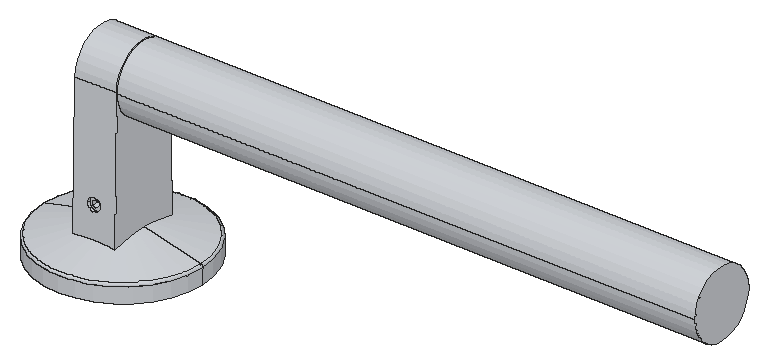
Revit family "Accessory-Towel_Arm-KOHLER-Components-K-78377BR_1", category Specialty Equipment, host Face, Revit 2017
Family settings
  Host = Face
  Round Connector Dimension = Use Diameter
  Part Type = Normal
  OmniClass Number = 23.31.25.25
  OmniClass Title = Towel Bars
  Cut with Voids When Loaded = No
  Shared = No
  Room Calculation Point = No
Parameters (values of type "CP-Polished Chrome")
  Width = 10.0315"  # constant formula
  WaterSense Certified = 1 = 0  # no
  URL = "https://br.kohler.com/"
  Type = 1
  Product Page URL = "https://br.kohler.com/product-detail/78377br?skuid=K-78377BR-CP"
  Product Name = "Components"  # constant formula
  Product Documentation Link = ""
  Model = if(Type = 1, "K-78377BR-CP", if(Type = 2, "K-78377BR-BN", if(Type = 3, "K-78377BR-BL", if(Type = 4, "K-78377BR-RGD", "NA"))))  # "K-78377BR-CP"
  Material = "Premium Metal Construction"  # constant formula
  Master Format 2014 Name = "Toilet, Bath, and Laundry Accessories"  # constant formula
  Master Format 2014 = "10 28 00"  # constant formula
  Manufacturer Address = "Rio de Janeiro MULTIREPAROS RUA BATISTA DA COSTA, Nº 352 | STORE B Rio de Janeiro  SÃO GONÇALO 24450-470"  # constant formula
  Manufacturer = "KOHLER Co."  # constant formula
  Length = 2.93701"  # constant formula
  Height = 2.3622"  # constant formula
  Finish = Kohler-Metal-CP-Polished_Chrome
  Environmental Product Declaration = ""
  Description = "Towel rack"  # constant formula
  Default Elevation = 42"
  Declare Label = ""
  Date Modified = "10/04/2021"  # constant formula
  Date Created = "10/04/2021"  # constant formula
  Copyright = "Copyright KOHLER Co."  # constant formula
  Contact Us = "https://br.kohler.com/asr-listing"
  Assembly Code = "C1030200"
  ADA Compliant = 1 = 0  # no
Types (5): name | Type | Product Page URL | Model | Finish
  (no name) | 1 | "https://br.kohler.com/product-detail/78377br?skuid=K-78377BR-CP" | "K-78377BR-CP" | Kohler-Metal-CP-Polished_Chrome
  CP-Polished Chrome | 1 | "https://br.kohler.com/product-detail/78377br?skuid=K-78377BR-CP" | "K-78377BR-CP" | Kohler-Metal-CP-Polished_Chrome
  BN-Vibrant Brushed Nickel | 2 | "https://br.kohler.com/product-detail/78377br?skuid=K-78377BR-BN" | "K-78377BR-BN" | Kohler-Metal-BN-Vibrant_Brushed_Nickel
  BL-Matte Black | 3 | "https://br.kohler.com/product-detail/78377br?skuid=K-78377BR-BL" | "K-78377BR-BL" | Kohler-Metal-BL-Matte_Black
  RGD-Polished Rose Gold | 4 | "https://br.kohler.com/product-detail/78377br?skuid=K-78377BR-RGD" | "K-78377BR-RGD" | Kohler-Metal-RGD-Polished_Rose_Gold
Reference planes (in)
  plane 1 "Center (Front/Back)": y = 0
  plane 2: z = 0
  plane 3 "Center (Left/Right)": x = 0
  plane 4: x = -1.1811
  plane 5: x = 1.1811
  plane 6: x = 8.85039
  plane 7: y = 1.1811
  plane 8: y = -1.1811
  plane 9: z = 2.93701
  plane 10: z = 0.46667
  plane 11: y = 0.49314
  plane 12: y = -0.49314
  plane 13: z = 2.47638
  plane 14: x = 0.70061
  plane 15: x = 0.30906
  plane 16: x = -0.30906
  plane 17: z = 1.95276
Dimensions and locks (in)
  "Height": plane 8 to plane 7
  plane 3 "Center (Left/Right)" to plane 6 = 8.85039"
  "Width": plane 4 to plane 6
  plane 11 to plane 12 = 0.98628"
  "Length": plane 9 to level
  level to plane 13 = 2.47638"
  plane 17 to plane 9 = 0.98425"
  aligned and locked: plane 2 to host face
  aligned and locked: level to host face
  aligned and locked: nested 1 to plane 3 "Center (Left/Right)"
  aligned and locked: plane 1 "Center (Front/Back)" to nested 1
Automatic sketch dimensions
  host sketch curve to host sketch curve = 96"  (x2)
Nested families (in)
  nested 1: "K-78377BR" at (4, 0, 0), type "K-78377BR"
Definition of nested family "K-78377BR"
  Parameters (values of type "K-78377BR")
    Material = none
    Length = 8"
  Reference planes (in)
    plane 1 "Center (Front/Back)": y = 0
    plane 2: z = 0
    plane 3 "Center (Left/Right)": x = 0
    plane 4: x = -4
    plane 5: y = 1.1811
    plane 6: z = 2.9375
    plane 7: x = -5.1811
    plane 8: x = -2.8189
    plane 9: y = -1.1811
    plane 10: x = 4.85039
    plane 11: y = 0.49314
    plane 12: y = -0.49314
    plane 13: z = 2.47638
    plane 14: x = -3.29939
  Forms (in)
    Revolve 1, solid, material <- "Material", detail levels medium+fine
      sketch origin (0, 0, 0) x (1, 0, 0) y (0, 0, 1)
        loop
          line (-5.1811, 0) -> (-4, 0) -> (-4, 0.54137) -> (-5.15083, 0.26323)
          arc (-5.15083, 0.26323) -> (-5.17263, 0.24924) -> (-5.1811, 0.22477) r 0.03957
          line (-5.1811, 0.22477) -> (-5.1811, 0)
        axis (-4, 0.54137) -> (-4, 0)
      angle from 0 to 360
    Extrusion 2, solid, material <- "Material", detail levels medium+fine
      sketch origin (0, 0, 0) x (0, 1, 0) y (0, 0, -1)
        loop
          line (0.49313, -2.45358) -> (0.53038, -0.31966) -> (-0.53038, -0.31966) -> (-0.49313, -2.45358)
          arc (-0.49313, -2.45358) -> (0, -2.93818) -> (0.49313, -2.45358) r 0.4932
      from 3.69386 to 4.30594
    Extrusion 3, solid, material <- "Material"
      sketch origin (0, 0, 0) x (0, 1, 0) y (0, 0, 1)
        loop
          circle (0, 2.44498) r 0.4932
      from -3.69386 to 4.85039
    Extrusion 4, solid, material <- "Material", detail levels coarse
      sketch origin (0, 0, 0) x (1, 0, 0) y (0, 1, 0)
        loop
          circle (-4, 0) r 1.1811
      from 0 to 0.44658
    Extrusion 5, void
      sketch origin (0, 0, 0) x (1, 0, 0) y (0, 0, 1)
        loop
          circle (-3.99997, 0.87401) r 0.09761
      from 0.48867 to 0.69357
    Extrusion 6, void
      sketch origin (0, 0, 0) x (1, 0, 0) y (0, 0, 1)
        loop
          line (-4.04918, 0.90242) -> (-4.04918, 0.8456) -> (-3.99997, 0.81718) -> (-3.95076, 0.8456) -> (-3.95076, 0.90242) -> (-3.99997, 0.93084) -> (-4.04918, 0.90242)
      from 0.28542 to 0.69357
    Extrusion 7, solid, material <- "Material", detail levels coarse
      sketch origin (0, 0, 0) x (0, 1, 0) y (0, 0, -1)
        loop
          line (0.49313, -0.31966) -> (-0.49313, -0.31966) -> (-0.49313, -2.44542)
          arc (-0.49313, -2.44542) -> (0, -2.93855) -> (0.49313, -2.44542) r 0.49313
          line (0.49313, -2.44542) -> (0.49313, -0.31966)
      from 3.69386 to 4.30594
  Cuts and joins
    Extrusion 5, Extrusion 6 cuts Extrusion 2
  Lines and regions (in)
    Masking region 1
      outline origin (0, 0, 0) x (0, 1, 0) y (0, 0, 1)
        loop
          line (0.52873, 0.41382) -> (0.49313, 2.4538)
          arc (0.49313, 2.4538) -> (0, 2.93839) -> (-0.49313, 2.4538) r 0.4932
          line (-0.49313, 2.4538) -> (-0.52873, 0.41382) -> (-1.15259, 0.26322)
          arc (-1.15259, 0.26322) -> (-1.17312, 0.25005) -> (-1.1811, 0.22701) r 0.03726
          line (-1.1811, 0.22701) -> (-1.1811, 0) -> (1.1811, 0) -> (1.1811, 0.22546)
          arc (1.1811, 0.22546) -> (1.17312, 0.24851) -> (1.15259, 0.26168) r 0.03726
          line (1.15259, 0.26168) -> (0.52873, 0.41382)
    Masking region 2
      outline origin (0, 0, 0) x (1, 0, 0) y (0, 0, 1)
        loop
          line (-5.1811, 0) -> (-2.8189, 0) -> (-2.8189, 0.22477)
          arc (-2.8189, 0.22477) -> (-2.82737, 0.24924) -> (-2.84917, 0.26323) r 0.03957
          line (-2.84917, 0.26323) -> (-3.69094, 0.46667) -> (-3.69094, 1.86505)
          arc (-3.69094, 1.86505) -> (-3.66511, 1.92741) -> (-3.60274, 1.95325) r 0.0882
          line (-3.60274, 1.95325) -> (4.83028, 1.95325)
          arc (4.83028, 1.95325) -> (4.8445, 1.95914) -> (4.85039, 1.97336) r 0.02011
          line (4.85039, 1.97336) -> (4.85039, 2.91749)
          arc (4.85039, 2.91749) -> (4.84453, 2.93164) -> (4.83038, 2.9375) r 0.02001
          line (4.83038, 2.9375) -> (-4.26957, 2.9375)
          arc (-4.26957, 2.9375) -> (-4.29749, 2.92594) -> (-4.30906, 2.89802) r 0.03948
          line (-4.30906, 2.89802) -> (-4.30906, 0.46667) -> (-5.15083, 0.26323)
          arc (-5.15083, 0.26323) -> (-5.17263, 0.24924) -> (-5.1811, 0.22477) r 0.03957
          line (-5.1811, 0.22477) -> (-5.1811, 0)
    Masking region 3
      outline origin (0, 0, 0) x (1, 0, 0) y (0, 1, 0)
        loop
          arc (-2.92677, 0.49314) -> (-5.1811, 0) -> (-2.92677, -0.49314) r 1.1811
          line (-2.92677, -0.49314) -> (4.82807, -0.49314)
          arc (4.82807, -0.49314) -> (4.84386, -0.4866) -> (4.85039, -0.47082) r 0.02232
          line (4.85039, -0.47082) -> (4.85039, 0.47151)
          arc (4.85039, 0.47151) -> (4.84406, 0.4868) -> (4.82876, 0.49314) r 0.02163
          line (4.82876, 0.49314) -> (-2.92677, 0.49314)
    symbolic lines, detail levels medium+fine
      curve 1: line (-4.30906, 0.53038, 0) -> (-4.30906, -0.53038, 0)
      curve 2: line (-4.30906, 0.53038, 0) -> (-3.68, 0.53038, 0)
      curve 3: line (-3.68, -0.53038, 0) -> (-4.30906, -0.53038, 0)
      curve 4: line (-2.91974, 0.49314, 0) -> (-4.22017, 0.49314, 0)
      curve 5: line (-2.91977, -0.49321, 0) -> (-4.21942, -0.49321, 0)
      curve 6: line (-3.29939, 0, 2.9375) -> (-3.29939, 0, 1.95325)
      curve 7: line (4.82807, -0.49314, 0) -> (4.82807, 0.49314, 0)
      curve 8: arc (-3.73035, 0.49314, 0) -> (-3.98123, 0.52799, 0) -> (-4.23276, 0.49819, 0) r 0.99222
      curve 9: arc (-3.73063, -0.49321, 0) -> (-3.98064, -0.52799, 0) -> (-4.23134, -0.49855, 0) r 0.99222
      curve 10: arc (-4.25898, -0.46924, 0) -> (-4.30246, 0.00154, 0) -> (-4.25735, 0.47217, 0) r 2.52326
      curve 11: arc (-4.23134, -0.49855, 0) -> (-4.24946, -0.48794, 0) -> (-4.25898, -0.46924, 0) r 0.03732
      curve 12: arc (-4.25735, 0.47217, 0) -> (-4.24885, 0.48877, 0) -> (-4.23276, 0.49819, 0) r 0.03329
      curve 13: arc (-4.25784, 0.46959, 0) -> (-4.24227, 0.48659, 0) -> (-4.22017, 0.49314, 0) r 0.04312
      curve 14: arc (-4.25784, -0.46959, 0) -> (-4.24195, -0.48679, 0) -> (-4.21942, -0.49314, 0) r 0.04312
      curve 15: line (-3.29939, -0.49321, 0) -> (-3.29939, 0.49314, 0)
      curve 16: line (-3.68, 0.53038, 0) -> (-3.68, 0.49314, 0)
      curve 17: line (-3.68, -0.53038, 0) -> (-3.68, -0.49321, 0)
      curve 18: arc (-2.96572, 0.49314, 0) -> (-5.14583, 0.00004, 0) -> (-2.96575, -0.49321, 0) r 1.14583
      curve 19: arc (-4.21019, 0.49314, 0) -> (-4.25611, -0.00004, 0) -> (-4.21019, -0.49321, 0) r 2.67151
      curve 20: line (4.83028, 0, 1.95325) -> (4.83028, 0, 2.9375)
      curve 21: line (-3.75038, 0, 2.47638) -> (-4.30906, 0, 2.47638)
      curve 22: arc (-3.55433, 0, 1.95325) -> (-3.6123, 0, 2.22982) -> (-3.75038, 0, 2.47638) r 0.93337
      curve 23: arc (-3.69077, 0, 1.87046) -> (-3.74162, 0, 2.17135) -> (-3.75065, 0, 2.47638) r 2.21611
      curve 24: arc (-3.69094, 0, 0.39372) -> (-4.00007, 0, 0.41316) -> (-4.30906, 0, 0.39168) r 2.34389
      curve 25: line (-3.69094, 0, 0.39372) -> (-3.69094, 0, 0.46667)
      curve 26: line (-4.30906, 0, 0.46667) -> (-4.30906, 0, 0.39168)
      curve 27: line (-2.84912, 0, 0.26322) -> (-5.1558, 0, 0.26167)
      curve 28: line (-2.8189, 0, 0.22477) -> (-5.18108, 0, 0.22321)
      curve 29: arc (0, 0, 0.46667) -> (0, 0.26632, 0.44279) -> (0, 0.52909, 0.39328) r 2.76424
      curve 30: line (0, 0.52909, 0.39328) -> (0, 0.52873, 0.41382)
      curve 31: line (0, -0.52909, 0.39328) -> (0, -0.52873, 0.41382)
      curve 32: arc (0, -0.52909, 0.39328) -> (0, -0.26632, 0.44279) -> (0, 0, 0.46667) r 2.76424
      curve 33: line (0, 1.15259, 0.26168) -> (0, -1.15748, 0.26168)
      curve 34: line (0, 1.1811, 0.22546) -> (0, -1.1811, 0.22546)
      curve 35: arc (0, 0.49313, 2.44542) -> (0, 0, 1.95229) -> (0, -0.49313, 2.44542) r 0.49313
      curve 36: circle (0, 0, 2.44542) r 0.47972 normal (1, 0, 0)
  Dimensions and locks (in)
    plane 4 to plane 3 "Center (Left/Right)" = 4"
    plane 6 to level = 2 15/16"
    plane 4 to plane 10 = 8.85039"
    plane 13 to level = 2.47638"
    aligned and locked: plane 2 to level
